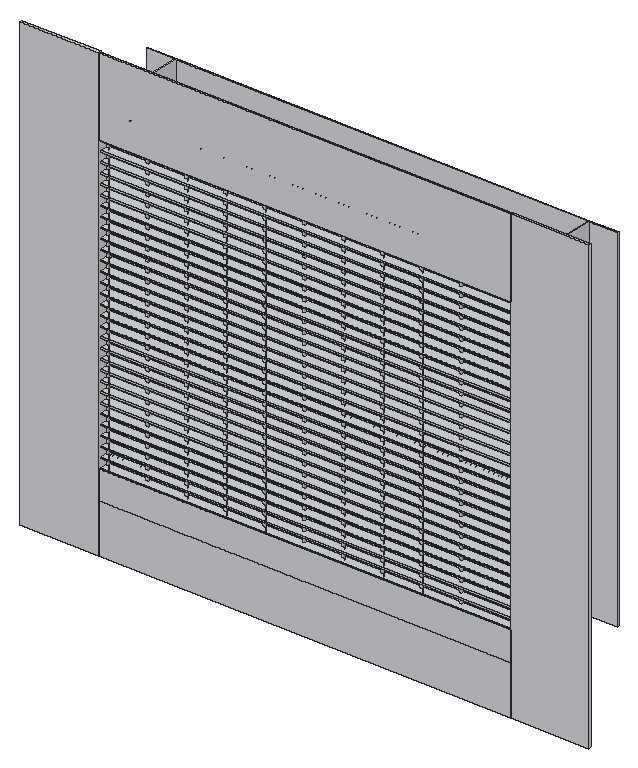
Revit family "ICBL-20-WR", category Mechanical Equipment, Revit 2015
Parameters
  URL = "http://unitedenertech.com/catalog/pdf/A_19a-f%20ICBL-20-WR.pdf"
  Type Comments = "Max. Single Section Size is (48\"w x 66\"h)"
  Screen Height [instance] = Exact Height - 0' 3 1/8"  # 2' - 8 7/8"
  Model = "ICBL-20-WR"
  Manufacturer = "United Enertech Corporation"
  Jamb Height [instance] = Exact Height + 0' 10"  # 3' - 10"
  FEMA 361 Grille [instance] = yes
  Exact Width = 4' - 0"
  Exact Height = 3' - 0"
  Description = "Combination Storm / FEMA Louver / Blast Damper"
  Blade Spacing = 0' - 6"
  Blade Number [instance] = rounddown((Exact Height - 0' 3 11/16") / 0' 6")  # 5
  BW [instance] = Exact Width - 0' 6"  # 3' - 6"
Reference planes (in)
  plane 1 "Center (Front/Back)": y = 0
  plane 2: z = 0
  plane 3 "Center (Left/Right)": x = 0
  plane 4: x = -24
  plane 5: x = 24
  plane 6: z = 36
  plane 7: x = -21
  plane 8: x = 21
  plane 9: z = 0.1345
  plane 10: z = 33
  plane 11: y = 6.625
  plane 12: y = 5.65
  plane 13: z = 5
  plane 14: z = 33
  plane 15: y = 6
  plane 16: z = 32.42229
Forms (in)
  Extrusion 1, solid
    sketch origin (-67.3585, 84.79411, -17.5475) x (0, 1, 0) y (0, 0, 1)
      loop
        line (-84.65961, 20.5475) -> (-84.79411, 20.5475) -> (-84.79411, 17.5475) -> (-74.79411, 17.5475) -> (-74.79411, 22.5475) -> (-74.92861, 22.5475) -> (-74.92861, 17.682) -> (-84.65961, 17.682) -> (-84.65961, 20.5475)
    from 46.3585 to 88.3585
  Extrusion 2, solid
    sketch origin (-54.49133, 84.79411, -17.5475) x (0, 1, 0) y (0, 0, 1)
      loop
        line (-84.65961, 12.5475) -> (-84.65961, 17.413) -> (-83.79411, 17.413) -> (-83.79411, 17.5475) -> (-84.79411, 17.5475) -> (-84.79411, 12.5475) -> (-84.65961, 12.5475)
    from 33.49133 to 75.49133
  Extrusion 3, solid
    sketch origin (0, 29.50666, 21.95636) x (0, 1, 0) y (0, 0, 1)
      loop
        line (-19.50666, 14.04364) -> (-19.64116, 14.04364) -> (-19.64116, 11.17814) -> (-29.37216, 11.17814) -> (-29.37216, 19.04364) -> (-29.50666, 19.04364) -> (-29.50666, 11.04364) -> (-19.50666, 11.04364) -> (-19.50666, 14.04364)
    from -21 to 21
  Extrusion 4, solid
    sketch origin (0, 39.93572, 23.90828) x (0, 1, 0) y (0, 0, 1)
      loop
        line (-32.31072, 8.96672) -> (-32.31072, 9.09172) -> (-33.31072, 9.09172) -> (-33.31072, 7.59172) -> (-33.18572, 7.59172) -> (-33.18572, 8.96672) -> (-32.31072, 8.96672)
    from -21 to 21
  Extrusion 5, solid
    sketch origin (0, -33.75647, -29.59495) x (0, -1, 0) y (0, 0, -1)
      loop
        line (-39.40647, -31.97945) -> (-39.28147, -31.97945) -> (-39.28147, -29.85445) -> (-38.40647, -29.85445) -> (-38.40647, -29.72945) -> (-39.40647, -29.72945) -> (-39.40647, -31.97945)
    from -21 to 21
  Extrusion 6, solid
    sketch origin (23.70105, -2.04921, 0) x (1, 0, 0) y (0, 1, 0)
      loop
        line (-42.41515, 11.67421) -> (-42.3706, 11.71876) -> (-42.70105, 12.04921) -> (-44.70105, 12.04921) -> (-44.70105, 11.92371) -> (-42.72715, 11.92371) -> (-42.41515, 11.67421)
    from 5 to 33
  Extrusion 7, solid
    sketch origin (-23.70105, -2.04921, 0) x (-1, 0, 0) y (0, -1, 0)
      loop
        line (-42.41515, -11.67421) -> (-42.72715, -11.92371) -> (-44.70105, -11.92371) -> (-44.70105, -12.04921) -> (-42.70105, -12.04921) -> (-42.3706, -11.71876) -> (-42.41515, -11.67421)
    from 5 to 33
Dimensions and locks (in)
  equal spacing: plane 4, plane 3 "Center (Left/Right)", plane 5
  "Exact Width": plane 4 to plane 5
  "Exact Height": plane 6 to level
  locked: plane 4 to plane 7 at 3
  locked: plane 8 to plane 5 at 3
  locked: plane 9 to level at 0.1345
  locked: plane 6 to plane 10 at 3
  locked: plane 11 to plane 1 "Center (Front/Back)" at 6.625
  locked: plane 12 to plane 1 "Center (Front/Back)" at 5.65
  locked: plane 13 to level at 5
  locked: plane 14 to plane 6 at 3
  locked: nested 1 to plane 15 at 4
  locked: plane 6 to plane 16 at 3.57771
  equal spacing: group 1, group 2, group 3, group 4, group 5  (x2)
  equal spacing: group 5, group 4, group 3, group 2, group 1
  "Blade Spacing": nested 3 to nested 4
  aligned and locked: level to plane 2
  aligned and locked: plane 4 to nested 1
  aligned and locked: nested 2 to plane 5
  aligned and locked: level to nested 1
  aligned and locked: nested 2 to level
  aligned and locked: level to Extrusion 1
  aligned and locked: plane 8 to Extrusion 1
  aligned and locked: Extrusion 1 to plane 7
  aligned and locked: level to Extrusion 2
  aligned and locked: plane 8 to Extrusion 2
  aligned and locked: Extrusion 2 to plane 7
  aligned and locked: plane 6 to Extrusion 3
  aligned and locked: Extrusion 3 to plane 7
  aligned and locked: plane 8 to Extrusion 3
  aligned and locked: Extrusion 4 to plane 11
  aligned and locked: Extrusion 3 to plane 10
  aligned and locked: plane 10 to Extrusion 4
  aligned and locked: Extrusion 4 to plane 7
  aligned and locked: plane 8 to Extrusion 4
  aligned and locked: Extrusion 5 to plane 12
  aligned and locked: plane 9 to Extrusion 1
  aligned and locked: Extrusion 5 to plane 9
  aligned and locked: plane 8 to Extrusion 5
  aligned and locked: Extrusion 5 to plane 7
  aligned and locked: nested 1 to plane 7
  aligned and locked: Extrusion 6 to plane 7
  aligned and locked: nested 2 to plane 8
  aligned and locked: plane 8 to Extrusion 7
  aligned and locked: plane 13 to Extrusion 7
  aligned and locked: plane 13 to Extrusion 6
  aligned and locked: Extrusion 6 to plane 14
  aligned and locked: Extrusion 7 to plane 14
  aligned and locked: plane 16 to nested 3
  aligned and locked: plane 3 "Center (Left/Right)" to nested 3
  aligned and locked: plane 3 "Center (Left/Right)" to nested 8
  aligned and locked: nested 8 to plane 9
Automatic sketch dimensions
  Extrusion 1 sketch curve to plane 1 "Center (Front/Back)" = 0' - 0"
  Extrusion 1 sketch curve to plane 9 = 0' - 0"
  Extrusion 1 sketch curve to level = 0' - 0"
  Extrusion 1 sketch curve to Extrusion 1 sketch curve = 0' - 0.1345"  (x2)
  plane 11 to Extrusion 1 sketch curve = 0' - 3.2405"
  plane 9 to Extrusion 1 sketch curve = 0' - 2.8655"
  plane 9 to Extrusion 1 sketch curve = 0' - 4.8655"
  Extrusion 2 sketch curve to plane 1 "Center (Front/Back)" = 0' - 0"
  Extrusion 2 sketch curve to level = 0' - 0"
  Extrusion 2 sketch curve to plane 1 "Center (Front/Back)" = 0' - 0.1345"
  Extrusion 2 sketch curve to level = 0' - 0.1345"
  Extrusion 2 sketch curve to Extrusion 2 sketch curve = 0' - 0.8655"
  Extrusion 2 sketch curve to Extrusion 2 sketch curve = 0' - 4.8655"
  Extrusion 3 sketch curve to plane 1 "Center (Front/Back)" = 0' - 0"
  Extrusion 3 sketch curve to plane 6 = 0' - 0"
  plane 10 to Extrusion 3 sketch curve = 0' - 0"
  Extrusion 3 sketch curve to plane 1 "Center (Front/Back)" = 0' - 0.1345"
  plane 11 to Extrusion 3 sketch curve = 0' - 3.2405"
  Extrusion 3 sketch curve to Extrusion 3 sketch curve = 0' - 0.1345"
  plane 10 to Extrusion 3 sketch curve = 0' - 0.1345"
  plane 6 to Extrusion 3 sketch curve = 0' - 5"
  Extrusion 4 sketch curve to plane 11 = 0' - 0"
  plane 10 to Extrusion 4 sketch curve = 0' - 0"
  plane 11 to Extrusion 4 sketch curve = 0' - 0 1/8"
  Extrusion 4 sketch curve to Extrusion 4 sketch curve = 0' - 0 7/8"
  Extrusion 4 sketch curve to plane 10 = 0' - 0 1/8"
  Extrusion 4 sketch curve to Extrusion 4 sketch curve = 0' - 1 3/8"
  Extrusion 5 sketch curve to plane 12 = 0' - 0"
  Extrusion 5 sketch curve to plane 9 = 0' - 0"
  Extrusion 5 sketch curve to plane 12 = 0' - 0 1/8"
  Extrusion 5 sketch curve to Extrusion 5 sketch curve = 0' - 0 7/8"
  Extrusion 5 sketch curve to plane 9 = 0' - 0 1/8"
  Extrusion 5 sketch curve to Extrusion 5 sketch curve = 0' - 2 1/8"
  Extrusion 6 sketch curve to plane 7 = 0' - 0"
  Extrusion 6 sketch curve to Extrusion 6 sketch curve = 0' - 1.9739"
  Extrusion 6 sketch curve to Extrusion 6 sketch curve = 0' - 0.0261"
  Extrusion 6 sketch curve to Extrusion 6 sketch curve = 0' - 0.312"
  Extrusion 6 sketch curve to Extrusion 6 sketch curve = 0' - 0.04455"  (x2)
  plane 11 to Extrusion 6 sketch curve = 0' - 3"
  Extrusion 6 sketch curve to Extrusion 6 sketch curve = 0' - 0.1255"
  Extrusion 7 sketch curve to plane 8 = 0' - 0"
  Extrusion 7 sketch curve to Extrusion 7 sketch curve = 0' - 1.9739"
  Extrusion 7 sketch curve to Extrusion 7 sketch curve = 0' - 0.0261"
  Extrusion 7 sketch curve to Extrusion 7 sketch curve = 0' - 0.312"
  Extrusion 7 sketch curve to Extrusion 7 sketch curve = 0' - 0.04455"  (x2)
  Extrusion 7 sketch curve to plane 11 = 0' - 3"
  Extrusion 7 sketch curve to Extrusion 7 sketch curve = 0' - 0.1255"
Nested families (in)
  nested 1: "BLAST JAMB" at (-21, 10, -5) x (-1, 0, 0) z (0, 0, 1), type "BLAST JAMB"
    with Jamb Height 3' - 10"
  nested 2: "BLAST JAMB" at (21, 10, -5), type "BLAST JAMB"
    with Jamb Height 3' - 10"
  nested 3: "BLAST BLADE" at (0, -0.16391, 23.76602), type "BLAST BLADE"
    with Blade Width 3' - 6"
  nested 4: "BLAST BLADE" at (0, -0.16391, 17.76602), type "BLAST BLADE"
    with Blade Width 3' - 6"
  nested 5: "BLAST BLADE" at (0, -0.16391, 11.76602), type "BLAST BLADE"
    with Blade Width 3' - 6"
  nested 6: "BLAST BLADE" at (0, -0.16391, 5.76602), type "BLAST BLADE"
    with Blade Width 3' - 6"
  nested 7: "BLAST BLADE" at (0, -0.16391, -0.23398), type "BLAST BLADE"
    with Blade Width 3' - 6"
  nested 8: "FEMA 361 Screen" at (0, 0.1345, 0.1345), visible <- "FEMA 361 Grille", type "FEMA 361 Screen"
    with Tube Number 10, Bar Number 32, Screen Width 3' - 6", Screen Height 2' - 8 7/8"
Definition of nested family "BLAST JAMB"
  Parameters (values of type "BLAST JAMB")
    Jamb Height = 3' - 0"
  Reference planes (in)
    plane 1 "Center (Front/Back)": y = 0
    plane 2: z = 0
    plane 3 "Center (Left/Right)": x = 0
    plane 4: z = 36
    plane 5: z = 31
  Forms (in)
    Extrusion 1, solid
      sketch origin (-4.1529, 22.01164, 0) x (0, -1, 0) y (1, 0, 0)
        loop
          line (12.28064, 12.1529) -> (12.01164, 12.1529) -> (12.01164, 4.1529) -> (22.01164, 4.1529) -> (22.01164, 7.1529) -> (21.87714, 7.1529) -> (21.87714, 4.2874) -> (12.28064, 4.2874) -> (12.28064, 12.1529)
      from 0 to 36
    Extrusion 2, void
      sketch origin (-28, 0, 0) x (1, 0, 0) y (0, 0, 1)
        loop
          line (27, 0) -> (37, 0) -> (37, 5) -> (27, 5) -> (27, 0)
      from -9.731 to 10
    Extrusion 3, void
      sketch origin (-27, 0, 20.65921) x (1, 0, 0) y (0, 0, 1)
        loop
          line (26.03348, 10.34079) -> (36.03348, 10.34079) -> (36.03348, 15.34079) -> (26.03348, 15.34079) -> (26.03348, 10.34079)
      from -9.731 to 10
  Cuts and joins
    Extrusion 2, Extrusion 3 cuts Extrusion 1
  Dimensions and locks (in)
    "Jamb Height": plane 4 to level
    locked: plane 4 to plane 5 at 5
    aligned and locked: level to plane 2
    aligned and locked: plane 4 to Extrusion 1
    aligned and locked: Extrusion 1 to level
    aligned and locked: Extrusion 2 to level
    aligned and locked: plane 4 to Extrusion 3
    aligned and locked: Extrusion 3 to plane 5
  Automatic sketch dimensions
    Extrusion 1 sketch curve to plane 3 "Center (Left/Right)" = 0' - 0"
    plane 1 "Center (Front/Back)" to Extrusion 1 sketch curve = 0' - 0"
    Extrusion 1 sketch curve to plane 1 "Center (Front/Back)" = 0' - 0.1345"
    plane 3 "Center (Left/Right)" to Extrusion 1 sketch curve = 0' - 0.1345"
    Extrusion 1 sketch curve to Extrusion 1 sketch curve = 0' - 9.5965"
    Extrusion 1 sketch curve to Extrusion 1 sketch curve = 0' - 0.269"
    Extrusion 1 sketch curve to Extrusion 1 sketch curve = 0' - 2.8655"
    Extrusion 1 sketch curve to Extrusion 1 sketch curve = 0' - 7.8655"
    Extrusion 2 sketch curve to level = 0' - 0"
    level to Extrusion 2 sketch curve = 0' - 5"
    Extrusion 2 sketch curve to plane 3 "Center (Left/Right)" = 0' - 1"
    Extrusion 2 sketch curve to Extrusion 2 sketch curve = 0' - 10"
    Extrusion 3 sketch curve to plane 3 "Center (Left/Right)" = 0' - 0.96652"
    Extrusion 3 sketch curve to Extrusion 3 sketch curve = 0' - 10"
    level to Extrusion 3 sketch curve = 3' - 0"
    Extrusion 3 sketch curve to Extrusion 3 sketch curve = 0' - 5"
Definition of nested family "BLAST BLADE"
  Parameters (values of type "BLAST BLADE")
    Blade Width = 2' - 0"
  Reference planes (in)
    plane 1 "Center (Front/Back)": y = 0
    plane 2: z = 0
    plane 3 "Center (Left/Right)": x = 0
    plane 4: x = -12
    plane 5: x = 12
    plane 6: x = -13.5
    plane 7: x = 13.5
  Forms (in)
    Extrusion 1, solid
      sketch origin (-4.79516, -48.53964, -17.17636) x (0, 1, 0) y (0, 0, 1)
        loop
          circle (54.70354, 25.53531) r 0.49333
      from -8.70484 to 18.29516
    Extrusion 2, solid
      sketch origin (-4.79516, -48.53964, -17.17636) x (0, 1, 0) y (0, 0, 1)
        loop
          line (54.30987, 25.83262) -> (54.14565, 25.83262)
          arc (54.14565, 25.83262) -> (52.40788, 23.27603) -> (50.81052, 20.62944) r 57.30142
          line (50.81052, 20.62944) -> (50.24569, 21.08805) -> (50.16073, 20.98313) -> (50.83842, 20.41761)
          arc (50.83842, 20.41761) -> (52.49985, 23.17275) -> (54.30987, 25.83262) r 58.64504
      from -7.20484 to 16.79516
    Extrusion 3, solid
      sketch origin (-4.79516, -48.53964, -17.17636) x (0, 1, 0) y (0, 0, 1)
        loop
          line (50.83842, 20.41761) -> (50.93326, 20.32408)
          arc (50.93326, 20.32408) -> (53.13378, 22.68118) -> (55.20172, 25.15541) r 58.77824
          line (55.20172, 25.15541) -> (55.09579, 25.23619)
          arc (55.09579, 25.23619) -> (53.03319, 22.76851) -> (50.83842, 20.41761) r 58.64504
      from -7.20484 to 16.79516
  Dimensions and locks (in)
    equal spacing: plane 4, plane 3 "Center (Left/Right)", plane 5
    "Blade Width": plane 4 to plane 5
    locked: plane 6 to plane 4 at 1.5
    locked: plane 5 to plane 7 at 1.5
    aligned and locked: level to plane 2
    aligned and locked: plane 5 to Extrusion 2
    aligned and locked: plane 5 to Extrusion 3
    aligned and locked: plane 4 to Extrusion 2
    aligned and locked: plane 4 to Extrusion 3
    aligned and locked: plane 6 to Extrusion 1
    aligned and locked: Extrusion 1 to plane 7
  Automatic sketch dimensions
    level to Extrusion 1 sketch curve = 0' - 8.35895"
    Extrusion 1 sketch curve to plane 1 "Center (Front/Back)" = 0' - 6.16391"
    level to Extrusion 2 sketch curve = 0' - 3.80678"
    Extrusion 2 sketch curve to plane 1 "Center (Front/Back)" = 0' - 1 159/256"
    level to Extrusion 2 sketch curve = 0' - 3.91169"
    Extrusion 2 sketch curve to Extrusion 2 sketch curve = 0' - 0.08496"
    level to Extrusion 2 sketch curve = 0' - 3.45309"
    Extrusion 2 sketch curve to Extrusion 2 sketch curve = 0' - 0.56483"
    level to Extrusion 2 sketch curve = 0' - 3.24125"
    Extrusion 2 sketch curve to Extrusion 2 sketch curve = 0' - 0.0279"
    Extrusion 2 sketch curve to Extrusion 2 sketch curve = 0' - 3.89996"
    Extrusion 2 sketch curve to Extrusion 2 sketch curve = 0' - 0.16422"
    Extrusion 2 sketch curve to level = 2' - 0.82236"
    Extrusion 2 sketch curve to Extrusion 2 sketch curve = 3' - 10.33991"
    Extrusion 2 sketch curve to Extrusion 2 sketch curve = 0' - 1.22092"
    Extrusion 3 sketch curve to Extrusion 3 sketch curve = 0' - 0"  (x2)
    plane 1 "Center (Front/Back)" to Extrusion 3 sketch curve = 3' - 3.45503"
    level to Extrusion 3 sketch curve = 0' - 3.24125"
    Extrusion 3 sketch curve to plane 1 "Center (Front/Back)" = 0' - 2.29879"
    level to Extrusion 3 sketch curve = 0' - 3.14772"
    Extrusion 3 sketch curve to Extrusion 3 sketch curve = 0' - 0.09483"
    level to Extrusion 3 sketch curve = 0' - 8.05983"
    Extrusion 3 sketch curve to Extrusion 3 sketch curve = 0' - 4.25736"
    level to Extrusion 3 sketch curve = 0' - 7.97905"
    radius of Extrusion 1 sketch curve = 0' - 0.49333"
Definition of nested family "FEMA 361 Screen"
  Parameters (values of type "FEMA 361 Screen")
    Tube Number [instance] = rounddown(Screen Width / 0' 4")  # 7
    Spacing 2 = 0' - 4"
    Spacing 1 = 0' - 1"
    Screen Width = 2' - 5"
    Screen Height = 2' - 0"
    Bar Number [instance] = rounddown(Screen Height / 0' 1")  # 24
  Reference planes (in)
    plane 1 "Center (Front/Back)": y = 0
    plane 2: z = 0
    plane 3 "Center (Left/Right)": x = 0
    plane 4: x = -14.5
    plane 5: x = 14.5
    plane 6: z = 24
  Dimensions and locks (in)
    equal spacing: plane 4, plane 3 "Center (Left/Right)", plane 5
    "Screen Width": plane 4 to plane 5
    "Screen Height": plane 6 to level
    equal spacing: group 1, group 2, group 3, group 4, group 5, group 6, group 7, group 8, group 9, group 10, group 11, group 12, group 19, group 20, group 21, group 22, group 23, group 24, group 25, group 26, group 27, group 28, group 29, group 30  (x2)
    equal spacing: group 30, group 29, group 28, group 27, group 26, group 25, group 24, group 23, group 22, group 21, group 20, group 19, group 12, group 11, group 10, group 9, group 8, group 7, group 6, group 5, group 4, group 3, group 2, group 1
    "Spacing 1": nested 2 to nested 1
    equal spacing: group 13, group 14, group 15, group 16, group 17, group 18, group 31  (x3)
    "Spacing 2": nested 13 to nested 14
    aligned and locked: level to plane 2
    aligned and locked: plane 3 "Center (Left/Right)" to nested 1
    aligned and locked: plane 6 to nested 1
    aligned and locked: plane 4 to nested 13
  Nested families (in)
    nested 1: "BAR" at (0, 10.518, 17.9375), type "BAR"
      with Bar Width 2' - 5"
    nested 2: "BAR" at (0, 10.518, 16.9375), type "BAR"
      with Bar Width 2' - 5"
    nested 3: "BAR" at (0, 10.518, 15.9375), type "BAR"
      with Bar Width 2' - 5"
    nested 4: "BAR" at (0, 10.518, 14.9375), type "BAR"
      with Bar Width 2' - 5"
    nested 5: "BAR" at (0, 10.518, 13.9375), type "BAR"
      with Bar Width 2' - 5"
    nested 6: "BAR" at (0, 10.518, 12.9375), type "BAR"
      with Bar Width 2' - 5"
    nested 7: "BAR" at (0, 10.518, 11.9375), type "BAR"
      with Bar Width 2' - 5"
    nested 8: "BAR" at (0, 10.518, 10.9375), type "BAR"
      with Bar Width 2' - 5"
    nested 9: "BAR" at (0, 10.518, 9.9375), type "BAR"
      with Bar Width 2' - 5"
    nested 10: "BAR" at (0, 10.518, 8.9375), type "BAR"
      with Bar Width 2' - 5"
    nested 11: "BAR" at (0, 10.518, 7.9375), type "BAR"
      with Bar Width 2' - 5"
    nested 12: "BAR" at (0, 10.518, 6.9375), type "BAR"
      with Bar Width 2' - 5"
    nested 13: "Tubee" at (-14.37722, 0.8756, 0), type "Tubee"
      with Tube Height 2' - 0"
    nested 14: "Tubee" at (-10.37722, 0.8756, 0), type "Tubee"
      with Tube Height 2' - 0"
    nested 15: "Tubee" at (-6.37722, 0.8756, 0), type "Tubee"
      with Tube Height 2' - 0"
    nested 16: "Tubee" at (-2.37722, 0.8756, 0), type "Tubee"
      with Tube Height 2' - 0"
    nested 17: "Tubee" at (1.62278, 0.8756, 0), type "Tubee"
      with Tube Height 2' - 0"
    nested 18: "Tubee" at (5.62278, 0.8756, 0), type "Tubee"
      with Tube Height 2' - 0"
    nested 19: "BAR" at (0, 10.518, 5.9375), type "BAR"
      with Bar Width 2' - 5"
    nested 20: "BAR" at (0, 10.518, 4.9375), type "BAR"
      with Bar Width 2' - 5"
    nested 21: "BAR" at (0, 10.518, 3.9375), type "BAR"
      with Bar Width 2' - 5"
    nested 22: "BAR" at (0, 10.518, 2.9375), type "BAR"
      with Bar Width 2' - 5"
    nested 23: "BAR" at (0, 10.518, 1.9375), type "BAR"
      with Bar Width 2' - 5"
    nested 24: "BAR" at (0, 10.518, 0.9375), type "BAR"
      with Bar Width 2' - 5"
    nested 25: "BAR" at (0, 10.518, -0.0625), type "BAR"
      with Bar Width 2' - 5"
    nested 26: "BAR" at (0, 10.518, -1.0625), type "BAR"
      with Bar Width 2' - 5"
    nested 27: "BAR" at (0, 10.518, -2.0625), type "BAR"
      with Bar Width 2' - 5"
    nested 28: "BAR" at (0, 10.518, -3.0625), type "BAR"
      with Bar Width 2' - 5"
    nested 29: "BAR" at (0, 10.518, -4.0625), type "BAR"
      with Bar Width 2' - 5"
    nested 30: "BAR" at (0, 10.518, -5.0625), type "BAR"
      with Bar Width 2' - 5"
    nested 31: "Tubee" at (9.62278, 0.8756, 0), type "Tubee"
      with Tube Height 2' - 0"
  Definition of nested family "BAR"
    Parameters (values of type "BAR")
      Bar Width = 2' - 0"
    Reference planes (in)
      plane 1 "Center (Front/Back)": y = 0
      plane 2: z = 0
      plane 3 "Center (Left/Right)": x = 0
      plane 4: x = -12
      plane 5: x = 12
    Forms (in)
      Extrusion 1, solid
        sketch origin (-15.1816, 0, -3.1816) x (0, 0, -1) y (0, 1, 0)
          loop
            line (-9.1191, -10.518) -> (-9.1191, -9.518) -> (-9.2441, -9.518) -> (-9.2441, -10.518) -> (-9.1191, -10.518)
        from 3.1816 to 27.1816
    Dimensions and locks (in)
      equal spacing: plane 4, plane 3 "Center (Left/Right)", plane 5
      "Bar Width": plane 4 to plane 5
      aligned and locked: level to plane 2
      aligned and locked: plane 5 to Extrusion 1
      aligned and locked: plane 4 to Extrusion 1
    Automatic sketch dimensions
      level to Extrusion 1 sketch curve = 0' - 6 1/16"
      Extrusion 1 sketch curve to Extrusion 1 sketch curve = 0' - 0 1/8"
      plane 1 "Center (Front/Back)" to Extrusion 1 sketch curve = 0' - 10.518"
      Extrusion 1 sketch curve to Extrusion 1 sketch curve = 0' - 1"
  Definition of nested family "Tubee"
    Parameters (values of type "Tubee")
      Tube Height = 3' - 0"
    Reference planes (in)
      plane 1 "Center (Front/Back)": y = 0
      plane 2: z = 0
      plane 3 "Center (Left/Right)": x = 0
      plane 4: z = 36
    Forms (in)
      Extrusion 1, solid
        sketch origin (0, 0, 0) x (1, 0, 0) y (0, 1, 0)
          loop
            arc (-0.12278, -0.02343) -> (0.125, 0) -> (-0.12278, 0.02343) r 0.125
            line (-0.12278, 0.02343) -> (-0.12278, -0.02343)
        from 0 to 36
    Dimensions and locks (in)
      "Tube Height": plane 4 to level
      aligned and locked: level to plane 2
      aligned and locked: plane 4 to Extrusion 1
      aligned and locked: Extrusion 1 to level
    Automatic sketch dimensions
      plane 1 "Center (Front/Back)" to Extrusion 1 sketch curve = 0' - 0"
      Extrusion 1 sketch curve to plane 3 "Center (Left/Right)" = 0' - 0"
      plane 1 "Center (Front/Back)" to Extrusion 1 sketch curve = 0' - 0 3/128"
      Extrusion 1 sketch curve to plane 3 "Center (Left/Right)" = 0' - 0.12278"
